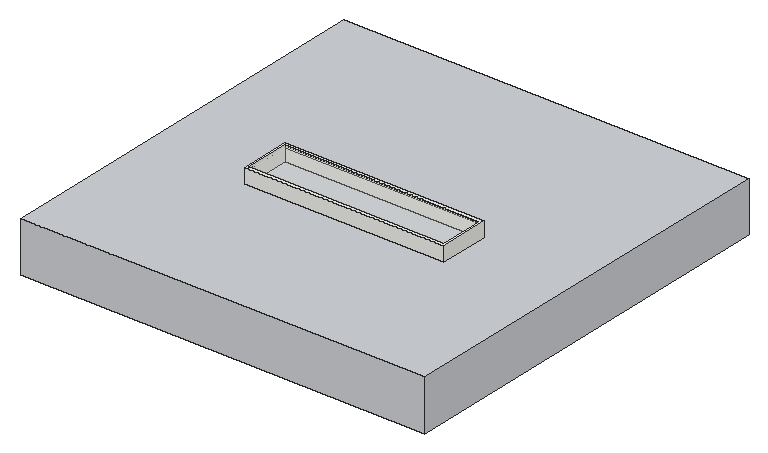
Revit family "M_Iluminação de forro - Caixa linear", category Luminárias, Revit 2019
Family settings
  Hospedeiro = Face
  Cota do conector redondo = Utilizar diâmetro
  Tipo de parte = Normal
  Número OmniClass = 23.80.70.11.11
  Título OmniClass = General Luminaries, Non Directional
  ID de item do Seek = Ceiling Light - Linear Box-0000-CAN-ENU
  Corte com vazios quando carregada = Não
  Fonte luminosa = Sim
  Compartilhado = Não
  Ponto de cálculo do ambiente = Não
Parameters (values of type "0300x1200 mm(1 Lâmpada) - 120V")
  Largura 1 = Largura da caixa / 2  # 150 mm
  Wattage = 40 W
  built-in parameter 1150110 = 1 (stored number, unit not read)
  built-in parameter 1114217 = 0.88 (stored number, unit not read)
  built-in parameter 1150109 = 1 (stored number, unit not read)
  built-in parameter 1150134 = 8
  built-in parameter 1150113 = 1 (stored number, unit not read)
  Tilt Angle = -90.00°
  Arquivo de rede fotométrica = "1x41T12.ies"
  Lumens = 3150 lm
  built-in parameter 1150115 = 1 (stored number, unit not read)
  built-in parameter 1150105 = 250.67 (stored number, unit not read)
  Classificação de carga = Iluminação - Unidade de interrupção
  built-in parameter 1150137 = 1
  built-in parameter 1150139 = (empty or 0)
  Comprimento1 = Comprimento da caixa / 2  # 600 mm
  Material da caixa de luz = Aço, acabamento de pintura, marfim, com brilho
  built-in parameter 1150112 = 1 (stored number, unit not read)
  built-in parameter 1150114 = 1 (stored number, unit not read)
  Lâmpada = "T-12"
  built-in parameter 1150132 = (empty or 0)
  built-in parameter 1150102 = (empty or 0)
  built-in parameter 1150138 = (empty or 0)
  built-in parameter 1150107 = 4230 (stored number, unit not read)
  built-in parameter 1150106 = 2.5067 (stored number, unit not read)
  Emitir da largura do retângulo = Largura da caixa - 26 mm  # 274 mm
  Emitir do comprimento do retângulo = Comprimento da caixa - 26 mm  # 1174 mm
  Emitir forma visível na renderização = no
  built-in parameter 1150104 = 7.3161 (stored number, unit not read)
  Troca de temperatura da cor de lâmpada com esmaecimento = <Nenhum>
  Material do difusor = Vidro, Branco, Alta Luminosidade
  Elevação-padrão = 1200 mm
  Color Filter = 16777215
  built-in parameter 1140040 [instance] = 1
  Largura da caixa = 300 mm
  Comprimento da caixa = 1200 mm
  Voltagem do transformador = 120 V
  Transformador por número de postes = 1
  built-in parameter 1114218 = 0.88 (stored number, unit not read)
  built-in parameter 1150133 = 10 (stored number, unit not read)
  Código de montagem = "D5020210"
  Carga aparente = 40 VA
Types (8, lengths in mm): name | Largura 1 | Wattage | Arquivo de rede fotométrica | Lumens | built-in parameter 1150105 | Comprimento1 | built-in parameter 1150106 | Emitir da largura do retângulo | Emitir do comprimento do retângulo | built-in parameter 1150104 | Largura da caixa | Comprimento da caixa | Voltagem do transformador | Carga aparente
  0300x1200 mm(1 Lâmpada) - 120V | 150 | 40 W | "1x41T12.ies" | 3150 lm | 250.67 (stored number, unit not read) | 600 | 2.5067 (stored number, unit not read) | 274 | 1174 | 7.3161 (stored number, unit not read) | 300 | 1200 | 120 V | 40 VA
  0300x1200 mm(1 Lâmpada) - 277V | 150 | 40 W | "1x41T12.ies" | 3150 lm | 250.67 (stored number, unit not read) | 600 | 2.5067 (stored number, unit not read) | 274 | 1174 | 7.3161 (stored number, unit not read) | 300 | 1200 | 277 V | 40 VA
  0300x1200 mm(2 Lâmpadas) - 120V | 150 | 80 W | "1x42A12.ies" | 6300 lm | 501.34 (stored number, unit not read) | 600 | 5.0134 (stored number, unit not read) | 274 | 1174 | 7.3161 (stored number, unit not read) | 300 | 1200 | 120 V | 80 VA
  0300x1200 mm(2 Lâmpadas) - 277V | 150 | 80 W | "1x42A12.ies" | 6300 lm | 501.34 (stored number, unit not read) | 600 | 5.0134 (stored number, unit not read) | 274 | 1174 | 7.3161 (stored number, unit not read) | 300 | 1200 | 277 V | 80 VA
  0600x0600 mm(2 Lâmpadas) - 120V | 300 | 40 W | "2x22T12.ies" | 2600 lm | 206.9 (stored number, unit not read) | 300 | 2.069 (stored number, unit not read) | 574 | 574 | 6.0387 (stored number, unit not read) | 600 | 600 | 120 V | 40 VA
  0600x0600 mm(2 Lâmpadas) - 277V | 300 | 40 W | "2x22T12.ies" | 2600 lm | 206.9 (stored number, unit not read) | 300 | 2.069 (stored number, unit not read) | 574 | 574 | 6.0387 (stored number, unit not read) | 600 | 600 | 277 V | 40 VA
  0600x1200 mm(2 Lâmpadas) - 120V | 300 | 80 W | "2x42T12.ies" | 5200 lm | 413.8 (stored number, unit not read) | 600 | 4.138 (stored number, unit not read) | 574 | 1174 | 6.0387 (stored number, unit not read) | 600 | 1200 | 120 V | 80 VA
  0600x1200 mm(2 Lâmpadas) - 277V | 300 | 80 W | "2x42T12.ies" | 5200 lm | 413.8 (stored number, unit not read) | 600 | 4.138 (stored number, unit not read) | 574 | 1174 | 6.0387 (stored number, unit not read) | 600 | 1200 | 277 V | 80 VA
Reference planes
  plane 1 "Centro (Frente/Trás)": y = 0
  plane 2: z = 0
  plane 3 "Centro (Esquerda/Direita)": x = 0
  plane 4: y = -300
  plane 5: x = -600
  plane 6: x = 600
  plane 7: x = -587.3
  plane 8: y = -287.3
  plane 9: x = 587.3
  plane 10: y = -12.7
  plane 11: z = 88.9
  plane 12: z = 82.55
  plane 13: z = 76.2
  plane 14: y = -150
  plane 15: z = 50.8
Forms (mm)
  Extrusion 1, solid
    sketch origin (0, 0, 0) x (1, 0, 0) y (0, 1, 0)
      loop
        line (-1219.2, 1219.2) -> (-1219.2, -1219.2) -> (1219.2, -1219.2) -> (1219.2, 1219.2) -> (-1219.2, 1219.2)
    from 0 to -304.8
  Extrusion 2, solid, material "Aço, acabamento de pintura, marfim, com brilho" <- "Material da caixa de luz"
    sketch origin (0, 0, 0) x (1, 0, 0) y (0, 1, 0)
      loop
        line (-600, 0) -> (-600, -300) -> (600, -300) -> (600, 0) -> (-600, 0)
      loop
        line (-587.3, -12.7) -> (-587.3, -287.3) -> (587.3, -287.3) -> (587.3, -12.7) -> (-587.3, -12.7)
    from 0 to 88.9
  Extrusion 3, solid, material "Vidro, Branco, Alta Luminosidade" <- "Material do difusor"
    sketch origin (0, 0, 0) x (1, 0, 0) y (0, 1, 0)
      loop
        line (-587.3, -12.7) -> (-587.3, -287.3) -> (587.3, -287.3) -> (587.3, -12.7) -> (-587.3, -12.7)
    from 76.2 to 82.55
Dimensions and locks
  "Largura da caixa": plane 4 to plane 1 "Centro (Frente/Trás)"
  "Comprimento da caixa": plane 5 to plane 6
  "Comprimento1": plane 5 to plane 3 "Centro (Esquerda/Direita)"
  locked: plane 5 to plane 7 at 12.7
  locked: plane 10 to plane 1 "Centro (Frente/Trás)" at 12.7
  locked: plane 8 to plane 4 at 12.7
  locked: plane 9 to plane 6 at 12.7
  locked: plane 11 to plane 2 at 88.9
  locked: plane 11 to plane 12 at 6.35
  locked: plane 12 to plane 13 at 6.35
  "Largura 1": plane 14 to plane 1 "Centro (Frente/Trás)"
  locked: plane 15 to plane 2 at 50.8
  aligned and locked: plane 2 to Extrusion 1
  aligned and locked: level to Extrusion 1
  aligned and locked: Extrusion 2 to plane 5  (x2)
  aligned and locked: plane 6 to Extrusion 2  (x2)
  aligned and locked: plane 11 to Extrusion 2
  aligned and locked: Extrusion 2 to plane 2
  aligned and locked: Extrusion 2 to plane 1 "Centro (Frente/Trás)"
  aligned and locked: Extrusion 2 to plane 10
  aligned and locked: plane 7 to Extrusion 2
  aligned and locked: plane 8 to Extrusion 2
  aligned and locked: Extrusion 2 to plane 4
  aligned and locked: Extrusion 2 to plane 9
  aligned and locked: Extrusion 3 to plane 13
  aligned and locked: Extrusion 3 to plane 12
  aligned and locked: plane 10 to Extrusion 3
  aligned and locked: Extrusion 3 to plane 7
  aligned and locked: Extrusion 3 to plane 8
  aligned and locked: plane 9 to Extrusion 3
  aligned and locked: plane 14 to imposter light
  aligned and locked: plane 15 to imposter light
  aligned and locked: plane 3 "Centro (Esquerda/Direita)" to imposter light
Automatic sketch dimensions
  Extrusion 1 sketch curve to Extrusion 1 sketch curve = 2438.4 mm  (x2)
  Extrusion 2 sketch curve to plane 4 = 0 mm
  Extrusion 2 sketch curve to plane 5 = 0 mm
  Extrusion 2 sketch curve to plane 7 = 0 mm
  Extrusion 2 sketch curve to plane 9 = 0 mm
  Extrusion 2 sketch curve to plane 1 "Centro (Frente/Trás)" = 0 mm
  Extrusion 2 sketch curve to plane 6 = 0 mm
  Extrusion 2 sketch curve to plane 8 = 0 mm
  Extrusion 2 sketch curve to plane 10 = 0 mm
  Extrusion 3 sketch curve to plane 7 = 0 mm
  Extrusion 3 sketch curve to plane 8 = 0 mm
  Extrusion 3 sketch curve to plane 9 = 0 mm
  Extrusion 3 sketch curve to plane 10 = 0 mm
Connectors
  electrical at (0, -150, 82.55), driven by "Voltagem do transformador", driven by "Carga aparente", driven by "Transformador por número de postes", driven by "Classificação de carga"
    settings: on Extrusion 3, index 1, voltage 120 V, apparent load 0 VA, apparent load phase1 40 VA, apparent load phase2 0 VA, apparent load phase3 0 VA, power factor 0.95, load classification "Iluminação - Unidade de interrupção", number of poles 1, system type 31, power factor state 1, is connector primary yes, connector utility no, sub classification motor no, connector description ""
